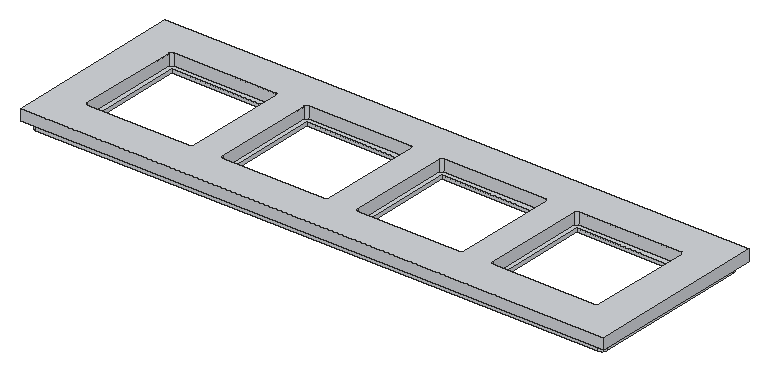
Revit family "Gira_0214126", category Electrical Fixtures, host Face, Revit 2017
Family settings
  Host = Face
  Maintain Annotation Orientation = No
  Round Connector Dimension = Use Diameter
  Part Type = Normal
  Cut with Voids When Loaded = No
  Shared = No
  Room Calculation Point = No
Parameters (values of type "Abdeckrahmen 4f Gira Esprit Alum.Schwarz")
  Werkstoffgüte = "aluminium"
  Werkstoff = "Metall"
  URL = "http://katalog.gira.de/de_DE/datenblatt.html?artikelnr=0214126"
  Transparent = "No"
  Textfeld/Beschriftungsfläche = "No"
  Schutzart (IP) = "IP20"
  Region = "DE"
  Oberfläche = "sonstige"
  Name = "Abdeckrahmen 4f Gira Esprit Alum.Schwarz"
  Montagerichtung = "horizontal und vertikal"
  Mit Montagerahmen = "No"
  Mit Klappdeckel = "No"
  Manufacturer URL = "https://www.gira.de/"
  Keynote = "Espr._Rahmen_4fach"
  HeinzeBIM = "https://bimportal.heinze.de/bim/abdeckrahmen-4f-gira-esprit-alum-schwarz/b7c2e73aef46242066f14c26a81a0141eda75ee9"
  Halogenfrei = "No"
  HAN = "0214126"
  Geeignet für Unterputz-Installation = "Yes"
  Geeignet für Unterflurkanaldose = "No"
  Geeignet für Geräteeinbaukanal = "No"
  Geeignet für Einbauinstallation = "No"
  GTIN = "4010337109044"
  Farbe = "schwarz"
  Default Elevation = 1219.2 mm
  Data sheet (1) = "https://katalog.gira.de/de_DE/download.html?artikelnr=0214126"
  Category = "Abdeckrahmen"
  Befestigungsart = "Klemmbefestigung"
  Available = "Yes"
  Anzahl der Einheiten vertikal = "4 "
  Anzahl der Einheiten horizontal = "4 "
  Anzahl der Einheiten = "4 "
Reference planes
  plane 1 "Center (Front/Back)": y = 0
  plane 2: z = 0
  plane 3 "Center (Left/Right)": x = 0
Forms (mm)
  Extrusion 1, solid, detail levels fine
    sketch origin (0, 0, 0) x (1, 0, 0) y (0, 1, 0)
      loop
        line (-154, 47.5) -> (-154, -47.5) -> (154, -47.5) -> (154, 47.5) -> (-154, 47.5)
      loop
        arc (-135.25, -26.8) -> (-134.811, -27.861) -> (-133.75, -28.3) r 1.5
        line (-133.75, -28.3) -> (-80.15, -28.3)
        arc (-80.15, -28.3) -> (-79.089, -27.861) -> (-78.65, -26.8) r 1.5
        line (-78.65, -26.8) -> (-78.65, 26.8)
        arc (-78.65, 26.8) -> (-79.089, 27.861) -> (-80.15, 28.3) r 1.5
        line (-80.15, 28.3) -> (-133.75, 28.3)
        arc (-133.75, 28.3) -> (-134.811, 27.861) -> (-135.25, 26.8) r 1.5
        line (-135.25, 26.8) -> (-135.25, -26.8)
      loop
        arc (-63.95, -26.8) -> (-63.511, -27.861) -> (-62.45, -28.3) r 1.5
        line (-62.45, -28.3) -> (-8.85, -28.3)
        arc (-8.85, -28.3) -> (-7.789, -27.861) -> (-7.35, -26.8) r 1.5
        line (-7.35, -26.8) -> (-7.35, 26.8)
        arc (-7.35, 26.8) -> (-7.789, 27.861) -> (-8.85, 28.3) r 1.5
        line (-8.85, 28.3) -> (-62.45, 28.3)
        arc (-62.45, 28.3) -> (-63.511, 27.861) -> (-63.95, 26.8) r 1.5
        line (-63.95, 26.8) -> (-63.95, -26.8)
      loop
        arc (7.35, -26.8) -> (7.789, -27.861) -> (8.85, -28.3) r 1.5
        line (8.85, -28.3) -> (62.45, -28.3)
        arc (62.45, -28.3) -> (63.511, -27.861) -> (63.95, -26.8) r 1.5
        line (63.95, -26.8) -> (63.95, 26.8)
        arc (63.95, 26.8) -> (63.511, 27.861) -> (62.45, 28.3) r 1.5
        line (62.45, 28.3) -> (8.85, 28.3)
        arc (8.85, 28.3) -> (7.789, 27.861) -> (7.35, 26.8) r 1.5
        line (7.35, 26.8) -> (7.35, -26.8)
      loop
        arc (78.65, -26.8) -> (79.089, -27.861) -> (80.15, -28.3) r 1.5
        line (80.15, -28.3) -> (133.75, -28.3)
        arc (133.75, -28.3) -> (134.811, -27.861) -> (135.25, -26.8) r 1.5
        line (135.25, -26.8) -> (135.25, 26.8)
        arc (135.25, 26.8) -> (134.811, 27.861) -> (133.75, 28.3) r 1.5
        line (133.75, 28.3) -> (80.15, 28.3)
        arc (80.15, 28.3) -> (79.089, 27.861) -> (78.65, 26.8) r 1.5
        line (78.65, 26.8) -> (78.65, -26.8)
    from 0 to 6
  Extrusion 2, solid, detail levels fine
    sketch origin (0, 0, 0) x (1, 0, 0) y (0, 1, 0)
      loop
        line (-132.85, -25.7) -> (-81.05, -25.7) -> (-81.05, 25.7) -> (-132.85, 25.7) -> (-132.85, -25.7)
      loop
        line (61.55, 25.7) -> (9.75, 25.7) -> (9.75, -25.7) -> (61.55, -25.7) -> (61.55, 25.7)
      loop
        arc (-149.85, -41.4) -> (-149.323, -42.673) -> (-148.05, -43.2) r 1.8
        line (-148.05, -43.2) -> (148.05, -43.2)
        arc (148.05, -43.2) -> (149.323, -42.673) -> (149.85, -41.4) r 1.8
        line (149.85, -41.4) -> (149.85, 41.4)
        arc (149.85, 41.4) -> (149.323, 42.673) -> (148.05, 43.2) r 1.8
        line (148.05, 43.2) -> (-148.05, 43.2)
        arc (-148.05, 43.2) -> (-149.323, 42.673) -> (-149.85, 41.4) r 1.8
        line (-149.85, 41.4) -> (-149.85, -41.4)
      loop
        line (-9.75, 25.7) -> (-61.55, 25.7) -> (-61.55, -25.7) -> (-9.75, -25.7) -> (-9.75, 25.7)
      loop
        line (132.85, 25.7) -> (81.05, 25.7) -> (81.05, -25.7) -> (132.85, -25.7) -> (132.85, 25.7)
    from -1.9 to 0
  Extrusion 3, solid, detail levels fine
    sketch origin (0, 0, 0) x (1, 0, 0) y (0, 1, 0)
      loop
        arc (-148.05, 44.4) -> (-150.171, 43.521) -> (-151.05, 41.4) r 3
        line (-151.05, 41.4) -> (-151.05, -41.4)
        arc (-151.05, -41.4) -> (-150.171, -43.521) -> (-148.05, -44.4) r 3
        line (-148.05, -44.4) -> (148.05, -44.4)
        arc (148.05, -44.4) -> (150.171, -43.521) -> (151.05, -41.4) r 3
        line (151.05, -41.4) -> (151.05, 41.4)
        arc (151.05, 41.4) -> (150.171, 43.521) -> (148.05, 44.4) r 3
        line (148.05, 44.4) -> (-148.05, 44.4)
      loop
        arc (-149.85, -41.4) -> (-149.323, -42.673) -> (-148.05, -43.2) r 1.8
        line (-148.05, -43.2) -> (148.05, -43.2)
        arc (148.05, -43.2) -> (149.323, -42.673) -> (149.85, -41.4) r 1.8
        line (149.85, -41.4) -> (149.85, 41.4)
        arc (149.85, 41.4) -> (149.323, 42.673) -> (148.05, 43.2) r 1.8
        line (148.05, 43.2) -> (-148.05, 43.2)
        arc (-148.05, 43.2) -> (-149.323, 42.673) -> (-149.85, 41.4) r 1.8
        line (-149.85, 41.4) -> (-149.85, -41.4)
    from -3.7 to 0
  Extrusion 4, solid, detail levels medium
    sketch origin (0, 0, 0) x (1, 0, 0) y (0, 1, 0)
      loop
        line (-154, 47.5) -> (-154, -47.5) -> (154, -47.5) -> (154, 47.5) -> (-154, 47.5)
    from 0 to 6
  Extrusion 5, solid, detail levels medium
    sketch origin (0, 0, 0) x (1, 0, 0) y (0, 1, 0)
      loop
        line (-154, 44.4) -> (-154, -44.4) -> (154, -44.4) -> (154, 44.4) -> (-154, 44.4)
    from -3.7 to 0
  Extrusion 6, solid, detail levels coarse
    sketch origin (0, 0, 0) x (1, 0, 0) y (0, 1, 0)
      loop
        line (-154, 47.5) -> (-154, -47.5) -> (154, -47.5) -> (154, 47.5) -> (-154, 47.5)
    from -3.7 to 6
Dimensions and locks
  aligned and locked: plane 2 to host face
  aligned and locked: level to host face
